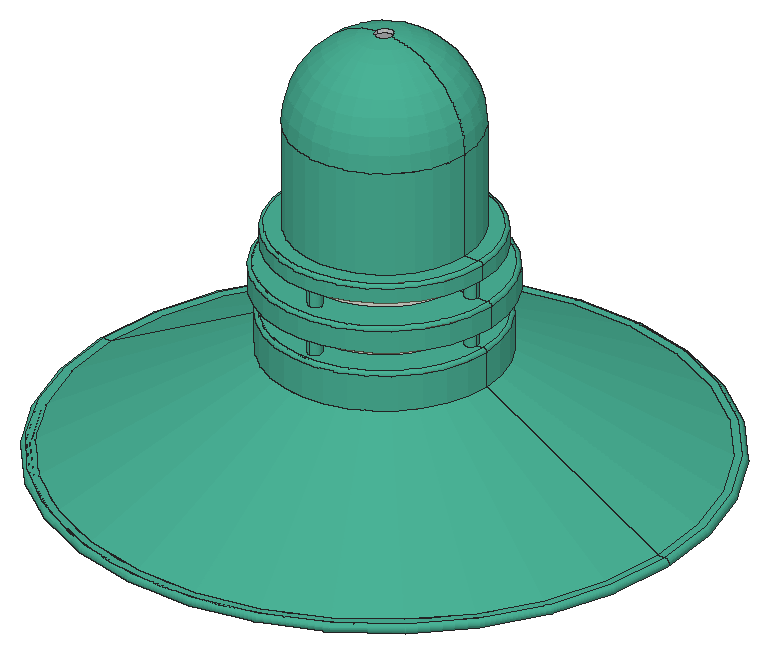
Revit family "L218 SHADE", category Lighting Fixtures, Revit 2024
Family settings
  Round Connector Dimension = Use Diameter
  Part Type = Normal
  OmniClass Number = 23.80.70.00
  OmniClass Title = Lighting
  Work Plane-Based = No
  Always vertical = Yes
  Cut with Voids When Loaded = No
  Light Source = Yes
  Maintain Annotation Orientation = No
  Shared = No
  Room Calculation Point = No
Parameters
  Wattage = 12.1178 W
  built-in parameter 1150110 = 1 (stored number, unit not read)
  built-in parameter 1114217 = 1 (stored number, unit not read)
  built-in parameter 1150109 = 1 (stored number, unit not read)
  built-in parameter 1150134 = (empty or 0)
  built-in parameter 1150113 = 1 (stored number, unit not read)
  Lumens = 1800 lm
  built-in parameter 1150115 = 1 (stored number, unit not read)
  built-in parameter 1150105 = 572.96 (stored number, unit not read)
  Light Source Symbol Size = 2' - 0"
  built-in parameter 1150137 = (empty or 0)
  built-in parameter 1150139 = (empty or 0)
  built-in parameter 1150112 = 1 (stored number, unit not read)
  built-in parameter 1150114 = 1 (stored number, unit not read)
  built-in parameter 1150132 = 2
  built-in parameter 1150102 = (empty or 0)
  built-in parameter 1150138 = (empty or 0)
  built-in parameter 1150107 = 3000 (stored number, unit not read)
  built-in parameter 1150106 = 5.7296 (stored number, unit not read)
  built-in parameter 1150104 = 13.8 (stored number, unit not read)
  Dimming Lamp Color Temperature Shift = (empty or 0)
  Default Elevation = 0' - 0"
  Color Filter = 16777215
  built-in parameter 1114218 = 1 (stored number, unit not read)
  built-in parameter 1150133 = 10 (stored number, unit not read)
Reference planes (in)
  plane 1 "Light Source Axis (F/B)": y = 0
  plane 2: z = 0
  plane 3 "Light Source Axis (L/R)": x = 0
  plane 4 "Light Source Elevation": z = 54
Forms (in)
  Revolve 1, solid
    sketch origin (0, 0, 0) x (1, 0, 0) y (0, 0, 1)
      loop
        line (-3.22625, 57.11336) -> (-8.63872, 54.25) -> (-8.875, 54.25)
        arc (-8.875, 54.25) -> (-8.94697, 54.0228) -> (-8.75731, 54.16713) r 0.125
        line (-8.75731, 54.16713) -> (-8.59488, 54.16713) -> (-3.1325, 57.0569) -> (-3.1325, 58.09834) -> (-2.3099, 58.09834) -> (-2.3099, 58.19209) -> (-3.12625, 58.19209)
        arc (-3.12625, 58.19209) -> (-3.19696, 58.1628) -> (-3.22625, 58.09209) r 0.1
        line (-3.22625, 58.09209) -> (-3.22625, 57.11336)
      loop
        line (-3.38733, 58.85295) -> (-3.29358, 58.85295) -> (-3.29358, 59.4592) -> (-2.3099, 59.4592) -> (-2.3099, 59.55295) -> (-3.28733, 59.55295)
        arc (-3.28733, 59.55295) -> (-3.35804, 59.52366) -> (-3.38733, 59.45295) r 0.1
        line (-3.38733, 59.45295) -> (-3.38733, 58.85295)
      loop
        line (-3.1, 60.09583) -> (-3.00625, 60.09583) -> (-3.00625, 60.50208) -> (-2.45625, 60.50208) -> (-2.45625, 63.45)
        arc (-2.45625, 63.45) -> (-1.82308, 65.09607) -> (-0.25, 65.89349) r 2.45625
        line (-0.25, 65.89349) -> (-0.25, 65.98772)
        arc (-0.25, 65.98772) -> (-1.88944, 65.16245) -> (-2.55, 63.45) r 2.55
        line (-2.55, 63.45) -> (-2.55, 60.59583) -> (-3, 60.59583)
        arc (-3, 60.59583) -> (-3.07071, 60.56654) -> (-3.1, 60.49583) r 0.1
        line (-3.1, 60.49583) -> (-3.1, 60.09583)
      loop
        line (-2.1, 60.74098) -> (-2.1, 55.42083)
        arc (-2.1, 55.42083) -> (-1.48492, 53.93591) -> (0, 53.32083) r 2.1
        line (0, 53.32083) -> (0, 53.41458)
        arc (0, 53.41458) -> (-1.41863, 54.0022) -> (-2.00625, 55.42083) r 2.00625
        line (-2.00625, 55.42083) -> (-2.00625, 60.74098) -> (-2.1, 60.74098)
      axis (0, 65.98772) -> (0, 53.32083)
    angle from 0 to 360
  Sweep 2, solid
    path origin (0, 0, 0) x (1, 0, 0) y (0, 0, 1)
      loop
        line (-2.75, 58.19209) -> (-2.75, 60.50208)
    profile origin (-2.75, 0, 59.34708) x (-1, 0, 0) y (0, -1, 0)
      loop
        circle (0, 0) r 0.1875
  Sweep 3, solid
    path origin (0, 0, 0) x (0, -1, 0) y (0, 0, 1)
      loop
        line (-2.75, 58.19209) -> (-2.75, 60.50208)
    profile origin (0, 2.75, 59.34708) x (0, 1, 0) y (-1, 0, 0)
      loop
        circle (0, 0) r 0.1875
  Sweep 4, solid
    path origin (0, 0, 0) x (0, 1, 0) y (0, 0, 1)
      loop
        line (-2.75, 58.19209) -> (-2.75, 60.50208)
    profile origin (0, -2.75, 59.34708) x (0, -1, 0) y (1, 0, 0)
      loop
        circle (0, 0) r 0.1875
  Sweep 5, solid
    path origin (0, 0, 0) x (-1, 0, 0) y (0, 0, 1)
      loop
        line (-2.75, 58.19209) -> (-2.75, 60.50208)
    profile origin (2.75, 0, 59.34708) x (1, 0, 0) y (0, 1, 0)
      loop
        circle (0, 0) r 0.1875
Dimensions and locks (in)
  aligned and locked: plane 3 "Light Source Axis (L/R)" to imposter light
  aligned and locked: plane 1 "Light Source Axis (F/B)" to imposter light
  aligned and locked: plane 4 "Light Source Elevation" to imposter light
  aligned and locked: level to plane 2
